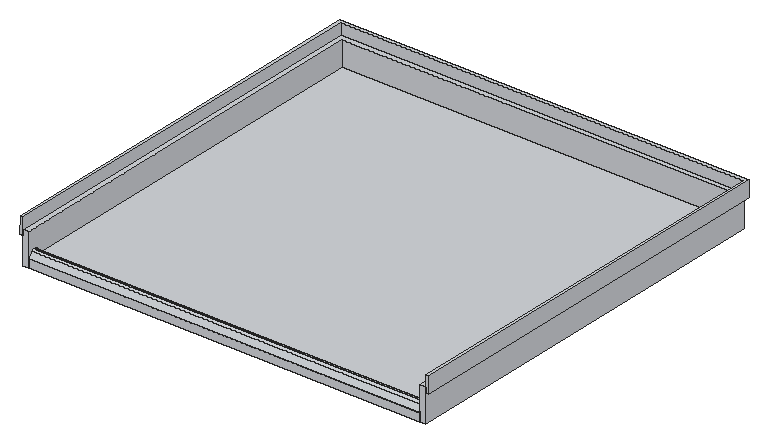
Revit family "Shower_Base-Willoughby AS-S3636ADAF-C", category Plumbing Fixtures, Revit 2015
Parameters (values of type "Center Drain")
  Waste Connection = no
  Vent Connection = no
  URL = "https://www.willoughby-ind.com/wp-content/uploads/2018/01/AS-S3636ADAF.pdf"
  Revision = "A"
  Model = "AS-S3636ADAF-C"
  Manufacturer = "Willoughby Industries"
  Location Drain = 1' - 6 3/4"
  HW Connection = no
  Drain Front Edge = 0' - 3 1/2"
  Description = "36\" X 36\" Shower Base, Front Trench, Center Drain"
  Contact number = "(800) 428-4065"
  CW Connection = no
Reference planes (in)
  plane 1 "Center (Front/Back)": y = 0
  plane 2: z = 0
  plane 3 "Center (Left/Right)": x = 0
Forms (in)
  Extrusion 1, solid
    sketch origin (0, 0, 0) x (1, 0, 0) y (0, 1, 0)
      loop
        line (-18, 0) -> (-18, -18) -> (18, -18) -> (18, 18) -> (-18, 18) -> (-18, 0)
    from 0 to 0.75
  Extrusion 2, solid
    sketch origin (0, 0, 0) x (1, 0, 0) y (0, 1, 0)
      loop
        line (-18, -18) -> (-18, 18) -> (18, 18) -> (18, -18) -> (18.5, -18) -> (18.5, 18.5) -> (-18.5, 18.5) -> (-18.5, -18) -> (-18, -18)
    from 0 to 3
  Extrusion 3, solid
    sketch origin (0, 0, 0) x (1, 0, 0) y (0, 1, 0)
      loop
        line (-18.75, -18) -> (-18.5, -18) -> (-18.5, 18.5) -> (18.5, 18.5) -> (18.5, -18) -> (18.75, -18) -> (18.75, 18.75) -> (-18.75, 18.75) -> (-18.75, -18)
    from 2.5 to 4
  Extrusion 4, solid
    sketch origin (0, 0, 0) x (1, 0, 0) y (0, 1, 0)
      loop
        circle (0, -14.5) r 1
    from -1.5625 to 0
  Extrusion 5, solid
    sketch origin (0, 0, 0) x (0, 1, 0) y (0, 0, 1)
      loop
        line (-18, 0.75) -> (-16.875, 0.75) -> (-17.18771, 1.27118)
        arc (-17.18771, 1.27118) -> (-17.26968, 1.34416) -> (-17.375, 1.375) r 0.25
        line (-17.375, 1.375) -> (-17.5, 1.375)
        arc (-17.5, 1.375) -> (-17.60532, 1.34416) -> (-17.68729, 1.27118) r 0.25
        line (-17.68729, 1.27118) -> (-18, 0.75)
    from -18 to 18
Dimensions and locks (in)
  "Drain Front Edge": Extrusion 1 to Extrusion 4 sketch curve
  "Location Drain": Extrusion 3 to Extrusion 4 sketch curve
  aligned and locked: level to plane 2
Automatic sketch dimensions
  plane 1 "Center (Front/Back)" to Extrusion 1 sketch curve = 0' - 0"
  Extrusion 1 sketch curve to plane 3 "Center (Left/Right)" = 1' - 6"
  plane 3 "Center (Left/Right)" to Extrusion 1 sketch curve = 1' - 6"
  plane 1 "Center (Front/Back)" to Extrusion 1 sketch curve = 1' - 6"
  Extrusion 1 sketch curve to plane 1 "Center (Front/Back)" = 1' - 6"
  Extrusion 2 sketch curve to plane 3 "Center (Left/Right)" = 1' - 6 1/2"
  Extrusion 2 sketch curve to Extrusion 2 sketch curve = 0' - 0 1/2"  (x3)
  plane 3 "Center (Left/Right)" to Extrusion 2 sketch curve = 1' - 6"
  plane 1 "Center (Front/Back)" to Extrusion 2 sketch curve = 1' - 6"  (x2)
  Extrusion 2 sketch curve to plane 1 "Center (Front/Back)" = 1' - 6"
  Extrusion 3 sketch curve to plane 3 "Center (Left/Right)" = 1' - 6 3/4"
  Extrusion 3 sketch curve to Extrusion 3 sketch curve = 0' - 0 1/4"  (x3)
  plane 3 "Center (Left/Right)" to Extrusion 3 sketch curve = 1' - 6 1/2"
  plane 1 "Center (Front/Back)" to Extrusion 3 sketch curve = 1' - 6"  (x2)
  Extrusion 3 sketch curve to plane 1 "Center (Front/Back)" = 1' - 6 1/2"
  level to Extrusion 5 sketch curve = 0' - 0 3/4"
  plane 1 "Center (Front/Back)" to Extrusion 5 sketch curve = 1' - 6"
  level to Extrusion 5 sketch curve = 0' - 1.27118"  (x2)
  Extrusion 5 sketch curve to Extrusion 5 sketch curve = 0' - 0.31271"  (x2)
  Extrusion 5 sketch curve to Extrusion 5 sketch curve = 0' - 0.18729"  (x2)
  Extrusion 5 sketch curve to Extrusion 5 sketch curve = 0' - 0.20317"
  Extrusion 5 sketch curve to Extrusion 5 sketch curve = 0' - 0.09324"
  Extrusion 5 sketch curve to Extrusion 5 sketch curve = 0' - 0 1/8"
  Extrusion 5 sketch curve to Extrusion 5 sketch curve = 0' - 0.14568"
  radius of Extrusion 4 sketch curve = 0' - 1"
